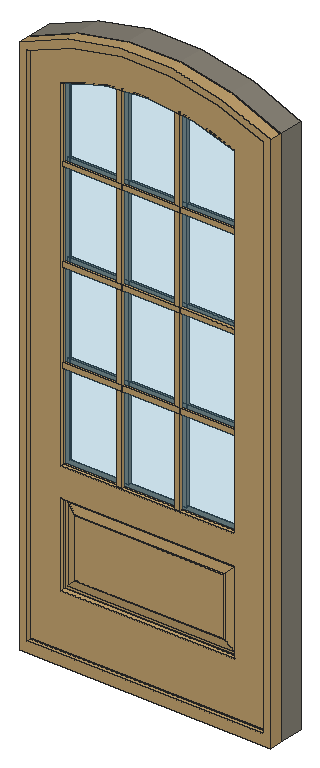
Revit family
Parameters (values of type "CUIAF3070")
  URL = "www.marvin.com"
  Thickness = 0' - 1 3/4"
  Sill Material = Fiberglass_Pultrusion-Marvin-Beige
  Rough Width = Width + 0' 1"  # 3' - 2 7/16"
  Rough Height = Height + 0' 0 1/2"  # 7' - 2 1/2"
  Radius = 3' - 4 3/16"
  RO Radius = 3' - 4 1/2"
  Panel Type = Raised Panel : Raised Panel
  Panel Height = Intermediate Rail Height - 1' 0 11/32"  # 0' - 11 31/32"
  Muntins Interior Material = Wood-Marvin-Pine
  Muntins Exterior Material = Aluminum-Marvin-Bronze
  Mask Offset [instance] = if(Inset to Installation Flange = 0' 1 3/32", 0' 0 1/32", 0' 0")  # 0' - 0"
  Mask [instance] = Inset to Installation Flange > 0' 1 3/32"  # no
  Low Panel Placement = 1 = 1  # yes
  Intermediate Rail Height = if(Low Panel Placement, 2' 0 5/16", 3' 2 1/8")  # 2' - 0 5/16"
  Interior Material = Wood-Marvin-Pine
  High Panel Placement = 1 = 0  # no
  Glazing Material = Glass-Marvin-IG Low E II with Argon
  Function = 1
  Frame = "Aluminum Clad"
  FS Springline = 6' - 9 3/8"
  Plan Swing Angle [instance] = 90.00°
  Door Panel Width = Width - 0' 2 3/8"  # 2' - 11 1/16"
  Nominal Width = 3' - 0"
  Nominal Height = 7' - 0"
  Muntins Interior Visibility = yes
  Muntins Exterior Visibility = yes
  Model = "CUIAF3070"
  Manufacturer = "Marvin Windows and Doors"
  Lites Wide = 3
  Lites High = 4
  Label Visibility = no
  Jamb Extension Visibility = no
  Inset to Installation Flange [instance] = 0' - 1"
  Height = if(Nominal Height = 6' 6", Nominal Height + 0' 1 1/2", if(Nominal Height = 8' 0", Nominal Height - 0' 0 1/2", Nominal Height + 0' 2"))  # 7' - 2"
  Wall Closure = (empty or 0)
  Width = if(Nominal Height > 6' 6", Nominal Width + 0' 1 7/16", Nominal Width + 0' 0 5/8")  # 3' - 1 7/16"
  Glass Type = "IG Low E II with Argon"
  Family created by = "www.rbuiltcomponents.com"
  Door Type = "Clad Ultimate Inswing Archtop French Door"
  Design Pressure = "DP40"
  Description = "3684 AT FR DOOR"
  Daylight Area = DLO Width * DLO Height  # 9.48657 SF
  DLO Width = Width - 0' 11 27/32"  # 2' - 1 19/32"
  DLO Height = Height - (Intermediate Rail Height + 0' 8 5/16")  # 4' - 5 3/8"
  Cladding Material = Aluminum-Marvin-Bronze
  Assembly Code = ""
Reference planes (in)
  plane 1 "Center (Front/Back)": y = 0
  plane 2 "Center (Left/Right)": x = 0
  plane 3 "Left": x = -18.71875
  plane 4 "Right": x = 18.71875
  plane 5 "Top": z = 86
  plane 6 "Exterior": y = 3
  plane 7 "Interior": y = -3
  plane 8 "Inset": y = 2
  plane 9 "Glazing": y = -0.71875
  plane 10: x = -12.78125
  plane 11: x = 12.78125
  plane 12: z = 80.0625
  plane 13: z = 9.96875
  plane 14 "Jamb Ext Face": y = -2.5625
  plane 15: z = 81.375
  plane 16: z = 80.0625
  plane 17: z = 24.3125
  plane 18: z = 21.9375
  plane 19: z = 26.6875
  plane 20: y = -2.59375
Forms (in)
  Sweep 1, solid, material "Aluminum-Marvin-Bronze" <- "Cladding Material"
    path origin (0, -0.71875, 0) x (1, 0, 0) y (0, 0, 1)
      loop
        line (-18.71875, 4.03125) -> (18.71875, 4.03125) -> (18.71875, 81.375)
        arc (18.71875, 81.375) -> (0, 86.00067) -> (-18.71875, 81.375) r 40.1875
        line (-18.71875, 81.375) -> (-18.71875, 4.03125)
    profile "Clad_Panel : Clad_Panel" origin (-18.71875, -0.71875, 42.70313) x (-1, 0, 0) y (0, -1, 0)
      loop
        line (-1.1875, 0) -> (-5.9375, 0) -> (-5.9375, -0.05719) -> (-5.72946, -0.26523) -> (-5.72946, -0.4375) -> (-1.1875, -0.4375) -> (-1.1875, 0)
  Sweep 2, solid, material "Wood-Marvin-Pine" <- "Interior Material"
    path origin (0, -0.71875, 0) x (1, 0, 0) y (0, 0, 1)
      loop
        line (-18.71875, 81.375) -> (-18.71875, 4.03125) -> (18.71875, 4.03125) -> (18.71875, 81.375)
        arc (18.71875, 81.375) -> (0, 86.00067) -> (-18.71875, 81.375) r 40.1875
    profile "Int_Panel : Int_Panel" origin (-18.71875, -0.71875, 42.70312) x (1, 0, 0) y (0, -1, 0)
      loop
        line (1.1875, 1.3125) -> (1.1875, 0) -> (5.21266, 0) -> (5.21266, 0.82511) -> (5.9375, 0.82511) -> (5.9375, 0.97108) -> (5.74041, 1.3125) -> (1.1875, 1.3125)
  Sweep 3, solid, material "Aluminum-Marvin-Bronze" <- "Cladding Material"
    path origin (0, -0.71875, 0) x (1, 0, 0) y (0, 0, 1)
      loop
        line (-18.71875, 0) -> (-18.71875, 81.375)
        arc (-18.71875, 81.375) -> (0, 86.00067) -> (18.71875, 81.375) r 40.1875
        line (18.71875, 81.375) -> (18.71875, 0)
    profile "Clad_Frame : Clad_Frame" origin (-18.71875, -0.71875, 40.6875) x (-1, 0, 0) y (0, -1, 0)
      loop
        line (0, -3.8125) -> (0, 0) -> (-1.06374, 0) -> (-1.06374, -0.53244) -> (-1.77792, -0.53244)
        arc (-1.77792, -0.53244) -> (-1.63018, -1.76415) -> (-1.51551, -2.99937) r 46.27589
        line (-1.51551, -2.99937) -> (-0.93767, -2.99937) -> (-0.93767, -3.10585) -> (-0.67848, -3.10585) -> (-0.67848, -3.8125) -> (0, -3.8125)
  Sweep 4, solid, material "Wood-Marvin-Pine" <- "Interior Material"
    path origin (0, -0.71875, 0) x (1, 0, 0) y (0, 0, 1)
      loop
        line (-18.71875, 0) -> (-18.71875, 81.375)
        arc (-18.71875, 81.375) -> (0, 86.00067) -> (18.71875, 81.375) r 40.1875
        line (18.71875, 81.375) -> (18.71875, 0)
    profile "Int_Frame : Int_Frame" origin (-18.71875, -0.71875, 40.6875) x (-1, 0, 0) y (0, -1, 0)
      loop
        line (0, 0) -> (0, 1.84375) -> (-1.06374, 1.84375) -> (-1.06374, 0) -> (0, 0)
  Sweep 5, solid, material "Fiberglass_Pultrusion-Marvin-Beige" <- "Sill Material"
    path origin (0, 2, 0) x (1, 0, 0) y (0, 0, 1)
      loop
        line (18.04027, 0) -> (-18.04027, 0)
    profile "Sill : Sill" origin (0, 2, 0) x (0, 0, -1) y (0, -1, 0)
      loop
        line (-0.45122, -1.09375) -> (0, -1.09375) -> (0, 3.9375) -> (-1.61915, 3.9375) -> (-1.61915, 1.78125) -> (-0.75338, 1.78125) -> (-0.45122, -1.09375)
  Extrusion 6, solid, material "Aluminum-Marvin-Bronze" <- "Cladding Material"
    sketch origin (0, 0, 0) x (0, 1, 0) y (0, 0, 1)
      loop
        line (-0.28125, 5.21875) -> (-0.71875, 5.21875) -> (-0.71875, 1.8125) -> (-0.28125, 1.8125) -> (-0.28125, 5.21875)
    from -17.53125 to 17.53125
  Extrusion 7, solid, material "Wood-Marvin-Pine" <- "Interior Material"
    sketch origin (0, 0, 0) x (0, 1, 0) y (0, 0, 1)
      loop
        line (-0.71875, 5.21875) -> (-2.03125, 5.21875) -> (-2.03125, 1.8125) -> (-0.71875, 1.8125) -> (-0.71875, 5.21875)
    from -17.53125 to 17.53125
  Extrusion 8, solid, material "Wood-Marvin-Pine" <- "Interior Material", visible <- "Jamb Extension Visibility", detail levels medium+fine
    sketch origin (0, -2.5625, 0) x (1, 0, 0) y (0, 0, 1)
      loop
        line (-18.71875, 0) -> (-18.03125, 0) -> (-18.03125, 80.9556)
        arc (-18.03125, 80.9556) -> (0, 85.31148) -> (18.03125, 80.9556) r 39.49831
        line (18.03125, 80.9556) -> (18.03125, 0) -> (18.71875, 0) -> (18.71875, 81.375)
        arc (18.71875, 81.375) -> (0, 86.00067) -> (-18.71875, 81.375) r 40.1875
        line (-18.71875, 81.375) -> (-18.71875, 0)
    from 0.03125 to 0.4375
  Extrusion 9, solid, material "Glass-Marvin-IG Low E II with Argon" <- "Glazing Material"
    sketch origin (0, -0.71875, 0) x (1, 0, 0) y (0, 0, 1)
      loop
        line (13.40625, 26.0625) -> (13.40625, 78.1166)
        arc (13.40625, 78.1166) -> (0, 80.78801) -> (-13.40625, 78.1166) r 34.97484
        line (-13.40625, 78.1166) -> (-13.40625, 26.0625) -> (13.40625, 26.0625)
    from 0 to 0.125
  Extrusion 10, solid, material "Glass-Marvin-IG Low E II with Argon" <- "Glazing Material"
    sketch origin (0, -0.71875, 0) x (1, 0, 0) y (0, 0, 1)
      loop
        line (13.40625, 26.0625) -> (13.40625, 78.1166)
        arc (13.40625, 78.1166) -> (0, 80.78801) -> (-13.40625, 78.1166) r 34.97484
        line (-13.40625, 78.1166) -> (-13.40625, 26.0625) -> (13.40625, 26.0625)
    from 0.65625 to 0.78125
  Sweep 11, solid, material "Wood-Marvin-Pine" <- "Interior Material"
    path in 3D
      loop
        line (18.04027, -1.9375, 1.61915) -> (-18.04027, -1.9375, 1.61915)
    profile origin (0, -1.9375, 1.61915) x (0, -1, 0) y (0, 0, 1)
      loop
        line (0, 0) -> (0, -1.61915) -> (0.625, -1.61915) -> (0.625, 0) -> (0, 0)
  Sweep 12, solid, material "Aluminum-Marvin-Bronze" <- "Cladding Material"
    path origin (0, -0.71875, 0) x (1, 0, 0) y (0, 0, 1)
      loop
        line (12.98929, 24.3125) -> (-12.98929, 24.3125)
    profile "Inter_Rail_Clad : Inter_Rail_Clad" origin (0, -0.71875, 24.3125) x (0, 0, -1) y (0, -1, 0)
      loop
        line (2.16696, -0.4375) -> (2.16696, -0.26523) -> (2.375, -0.05719) -> (2.375, 0) -> (-2.375, 0) -> (-2.375, -0.05719) -> (-2.16696, -0.26523) -> (-2.16696, -0.4375) -> (2.16696, -0.4375)
  Sweep 13, solid, material "Wood-Marvin-Pine" <- "Interior Material"
    path origin (0, -0.71875, 0) x (1, 0, 0) y (0, 0, 1)
      loop
        line (-12.97834, 24.3125) -> (12.97834, 24.3125)
    profile "Inter_Rail_Int : Inter_Rail_Int" origin (0, -0.71875, 24.3125) x (0, 0, 1) y (0, -1, 0)
      loop
        line (2.17791, 1.3125) -> (-2.17791, 1.3125) -> (-2.375, 0.97108) -> (-2.375, 0.82511) -> (-1.65016, 0.82511) -> (-1.65016, 0) -> (1.65016, 0) -> (1.65016, 0.82511) -> (2.375, 0.82511) -> (2.375, 0.97108) -> (2.17791, 1.3125)
Cuts and joins
  joined: Sweep 1, Extrusion 6, Sweep 12
  joined: Sweep 2, Extrusion 7, Sweep 13
  joined: Sweep 4, Sweep 11
Lines and regions (in)
  Opening 1
    outline origin (-90, -3, 0) x (1, 0, 0) y (0, 0, 1)
      loop
        line (71.28125, 0) -> (108.71875, 0) -> (108.71875, 81.375)
        arc (108.71875, 81.375) -> (90, 86.00067) -> (71.28125, 81.375) r 40.1875
        line (71.28125, 81.375) -> (71.28125, 0)
  Masking region 1
    outline origin (0, 0, 0) x (0, 1, 0) y (0, 0, 1)
      loop
        line (3.09375, 86) -> (-2.5625, 86) -> (-2.5625, 0) -> (3.09375, 0) -> (3.09375, 86)
  Masking region 2, visible <- "Jamb Extension Visibility"
    outline origin (0, 0, 0) x (1, 0, 0) y (0, 1, 0)
      loop
        line (-18.71875, -2.59375) -> (-18.71875, -3) -> (-18.03125, -3) -> (-18.03125, -2.59375) -> (-18.71875, -2.59375)
      loop
        line (18.71875, -2.59375) -> (18.03125, -2.59375) -> (18.03125, -3) -> (18.71875, -3) -> (18.71875, -2.59375)
  Masking region 3
    outline origin (0, 0, 0) x (0, 1, 0) y (0, 0, 1)
      loop
        line (-2.59375, 86) -> (-3, 86) -> (-3, 0) -> (-2.59375, 0) -> (-2.59375, 86)
  Masking region 4, visible <- "Mask"
    outline origin (0, 0, 0) x (0, 1, 0) y (0, 0, 1)
      loop
        line (3.09375, 86) -> (3, 86) -> (3, 0) -> (3.09375, 0) -> (3.09375, 86)
  symbolic lines, style "DoorsFrameMullionProjection", visible <- "Jamb Extension Visibility", detail levels coarse+medium
    curve 1: line (-18.71875, -3, 0) -> (-18.03125, -3, 0)
    curve 2: line (-18.03125, -3, 0) -> (-18.03125, -2.59375, 0)
    curve 3: line (18.71875, -3, 0) -> (18.03125, -3, 0)
    curve 4: line (18.03125, -3, 0) -> (18.03125, -2.59375, 0)
    curve 7: line (0, -2.59375, 85.3125) -> (0, -3, 85.3125)
    curve 8: line (0, -3, 85.3125) -> (0, -3, 86)
  symbolic lines, style "Jamb Extension", visible <- "Jamb Extension Visibility", detail levels fine
    curve 5: line (0, -2.59375, 85.3125) -> (0, -3, 85.3125)
    curve 6: line (0, -3, 85.3125) -> (0, -3, 86)
  symbolic lines, style "DoorsFrameMullionProjection", detail levels coarse+medium
    curve 9: line (0, 3.09375, 86) -> (0, 3.09375, 84.93626)
    curve 10: line (0, 3.09375, 84.93626) -> (0, -2.5625, 84.93626)
    curve 11: line (0, -2.5625, 84.93626) -> (0, -2.5625, 86)
    curve 20: line (0, -0.28125, 80.0625) -> (0, -0.28125, 26.6875)
    curve 21: line (0, -2.03125, 80.0625) -> (0, -2.03125, 26.6875)
    curve 24: line (0, 3.09375, 0.45122) -> (0, 0.21875, 0.75338)
    curve 25: line (0, 0.21875, 1.625) -> (0, 0.21875, 0.75338)
    curve 26: line (0, 0.21875, 1.625) -> (0, -2.56948, 1.625)
    curve 27: line (0, -2.56948, 0) -> (0, -2.56948, 1.625)
    curve 28: line (0, 3.09375, 0) -> (0, 3.09375, 0.45122)
    curve 29: line (0, 3.09375, 0) -> (0, -2.56948, 0)
    curve 30: line (0, 3.09375, 86) -> (0, -2.5625, 86)
    curve 31: line (0, -2.5625, 86) -> (0, 3.09375, 86)
  symbolic lines, style "DoorsPanelProjection", detail levels coarse+medium
    curve 12: line (0, -0.28125, 80.0625) -> (0, -0.28125, 84.93626)
    curve 13: line (0, -2.03125, 80.0625) -> (0, -0.28125, 80.0625)
    curve 14: line (0, -2.03125, 84.93626) -> (0, -2.03125, 80.0625)
    curve 15: line (0, -0.28125, 26.6875) -> (0, -2.03125, 26.6875)
    curve 16: line (0, -0.28125, 1.8125) -> (0, -0.28125, 26.6875)
    curve 17: line (0, -2.03125, 1.8125) -> (0, -0.28125, 1.8125)
    curve 18: line (0, -2.03125, 26.6875) -> (0, -2.03125, 1.8125)
  symbolic lines, style "DoorsGlassProjection", detail levels coarse+medium
    curve 19: line (0, -1.15625, 26.6875) -> (0, -1.15625, 80.0625)
  symbolic lines, style "Elevation Swing"
    curve 22: line (-17.53125, -0.71875, 1.8125) -> (17.53125, -0.71875, 43)
    curve 23: line (17.53125, -0.71875, 43) -> (-17.65501, -0.71875, 80.72397)
  sketch lines
    curve 32: line (18.04027, -1.9375, 1.61915) -> (-18.04027, -1.9375, 1.61915)
  reference lines
    curve 33: arc (18.71875, 3, 81.375) -> (0, 3, 86.00067) -> (-18.71875, 3, 81.375) r 40.1875
Text (in)
  text "Exterior" at (-74.96733, 27.31104, 0), in view "Ref. Level"
  text "Interior" at (-74.96733, -25.14366, 0), in view "Ref. Level"
  text "Exterior" at (0, 40.15149, 123.01588), in view "Right"
  text "Interior" at (0, -64.39139, 123.01588), in view "Right"
  text "Interior" at (0, -31.01599, 123.00693), in view "Left"
  text "Exterior" at (0, 54.57065, 123.00693), in view "Left"
Dimensions and locks (in)
  equal spacing: plane 3 "Left", plane 2 "Center (Left/Right)", plane 4 "Right"
  "Height": level to plane 5 "Top"
  "Width": plane 3 "Left" to plane 4 "Right"
  locked: plane 11 to plane 4 "Right" at 5.9375
  locked: plane 3 "Left" to plane 10 at 5.9375
  locked: plane 12 to plane 5 "Top" at 5.9375
  locked: level to plane 13 at 9.96875
  locked: Extrusion 6 sketch curve to Sweep 1 at 3.40625
  locked: Extrusion 7 sketch curve to Sweep 2 at 3.40625
  locked: Extrusion 8 sketch curve to plane 4 "Right" at 0.6875
  locked: plane 3 "Left" to Extrusion 8 sketch curve at 0.6875
  locked: Extrusion 9 sketch curve to plane 10 at 0.625
  locked: Extrusion 9 sketch curve to plane 19 at 0.625
  locked: plane 11 to Extrusion 9 sketch curve at 0.625
  locked: Extrusion 10 sketch curve to plane 10 at 0.625
  locked: Extrusion 10 sketch curve to plane 19 at 0.625
  locked: plane 11 to Extrusion 10 sketch curve at 0.625
  locked: plane 9 "Glazing" to Extrusion 9 at 0.125
  locked: plane 9 "Glazing" to Extrusion 10 at 0.78125
  locked: plane 9 "Glazing" to Extrusion 10 at 0.65625
  locked: Extrusion 10 to Extrusion 10 at 0.125
  locked: nested 3 to plane 9 "Glazing" at 0.8125
  "Inset to Installation Flange": host wall to plane 8 "Inset"
  locked: plane 9 "Glazing" to plane 8 "Inset" at 2.71875
  locked: plane 14 "Jamb Ext Face" to plane 8 "Inset" at 4.5625
  locked: nested 4 to host wall at 12
  equal spacing: level, curve 23, plane 5 "Top"
  "FS Springline": level to plane 15
  locked: Sweep 1 sketch curve to plane 13 at 5.9375
  locked: Sweep 2 sketch curve to plane 13 at 5.9375
  locked: curve 7 to plane 5 "Top" at 0.6875
  "Intermediate Rail Height": level to plane 17
  plane 18 to plane 17 to plane 19 = 0' - 2 3/8" locked, 0' - 2 3/8" locked
  locked: nested 6 to plane 9 "Glazing" at 0.375
  equal spacing: curve 16, curve 19, curve 18
  locked: plane 20 to plane 14 "Jamb Ext Face" at 0.03125
  "Mask Offset": Masking region 4 sketch curve to host wall
  "Radius": radius of curve 33
  aligned and locked: plane 3 "Left" to Opening 1 sketch curve
  aligned and locked: Opening 1 sketch curve to plane 4 "Right"
  aligned and locked: Opening 1 sketch curve to level
  aligned and locked: plane 6 "Exterior" to host wall
  aligned and locked: plane 7 "Interior" to host wall
  aligned and locked: plane 3 "Left" to Sweep 3 sketch curve
  aligned and locked: level to Sweep 3 sketch curve  (x2)
  aligned and locked: Sweep 3 sketch curve to plane 4 "Right"
  aligned and locked: plane 3 "Left" to Sweep 4 sketch curve
  aligned and locked: level to Sweep 4 sketch curve  (x2)
  aligned and locked: Sweep 4 sketch curve to plane 4 "Right"
  aligned and locked: level to nested 1
  aligned and locked: nested 1 to plane 8 "Inset"
  aligned and locked: Sweep 5 sketch curve to level
  aligned and locked: Extrusion 6 sketch curve to Sweep 1  (x2)
  aligned and locked: Extrusion 6 sketch curve to plane 9 "Glazing"
  aligned and locked: Sweep 1 to Extrusion 6
  aligned and locked: Extrusion 6 to Sweep 1
  aligned and locked: Sweep 2 to Extrusion 7 sketch curve
  aligned and locked: plane 9 "Glazing" to Extrusion 7 sketch curve
  aligned and locked: Extrusion 7 sketch curve to Sweep 2
  aligned and locked: Sweep 2 to Extrusion 7
  aligned and locked: Extrusion 7 to Sweep 2
  aligned and locked: Extrusion 8 sketch curve to plane 3 "Left"
  aligned and locked: plane 4 "Right" to Extrusion 8 sketch curve
  aligned and locked: level to Extrusion 8 sketch curve  (x2)
  aligned and locked: Sweep 3 to Extrusion 8 sketch curve
  aligned and locked: host wall to Extrusion 8
  aligned and locked: Extrusion 9 to plane 9 "Glazing"
  aligned and locked: plane 9 "Glazing" to nested 2
  aligned and locked: nested 2 to plane 2 "Center (Left/Right)"
  aligned and locked: plane 12 to nested 2
  aligned and locked: plane 2 "Center (Left/Right)" to nested 3
  aligned and locked: nested 3 to plane 12
  aligned and locked: plane 3 "Left" to curve 1
  aligned and locked: curve 1 to Extrusion 8
  aligned and locked: curve 4 to Extrusion 8
  aligned and locked: curve 3 to Extrusion 8
  aligned and locked: plane 5 "Top" to curve 6
  aligned and locked: Extrusion 8 to curve 6
  aligned and locked: plane 5 "Top" to curve 8
  aligned and locked: plane 5 "Top" to curve 9
  aligned and locked: plane 5 "Top" to curve 11
  aligned and locked: curve 13 to plane 12
  aligned and locked: curve 14 to cut or joined group of Sweep 2, Extrusion 7, Sweep 13
  aligned and locked: curve 12 to cut or joined group of Sweep 1, Extrusion 6, Sweep 12
  aligned and locked: curve 16 to cut or joined group of Sweep 1, Extrusion 6, Sweep 12
  aligned and locked: curve 13 to curve 19
  aligned and locked: curve 15 to curve 19
  aligned and locked: plane 5 "Top" to Masking region 1 sketch curve
  aligned and locked: level to Masking region 1 sketch curve
  aligned and locked: curve 21 to cut or joined group of Sweep 2, Extrusion 7, Sweep 13
  aligned and locked: cut or joined group of Sweep 1, Extrusion 6, Sweep 12 to curve 22
  aligned and locked: plane 2 "Center (Left/Right)" to nested 4
  aligned and locked: curve 17 to cut or joined group of Sweep 2, Extrusion 7, Sweep 13
  aligned and locked: curve 24 to Sweep 5
  aligned and locked: curve 25 to nested 1
  aligned and locked: curve 27 to nested 1
  aligned and locked: curve 28 to Sweep 5
  aligned and locked: plane 4 "Right" to nested 5
  aligned and locked: plane 8 "Inset" to nested 5
  aligned and locked: curve 9 to Sweep 3
  aligned and locked: Masking region 1 sketch curve to Sweep 3
  aligned and locked: Sweep 5 sketch curve to Sweep 3
  aligned and locked: Sweep 3 to Sweep 5 sketch curve
  aligned and locked: curve 22 to cut or joined group of Sweep 1, Extrusion 6, Sweep 12
  aligned and locked: Sweep 11 sketch curve to profile plane
  aligned and locked: level to Sweep 11 sketch curve
  aligned and locked: Sweep 11 sketch curve to plane 14 "Jamb Ext Face"
  aligned and locked: Sweep 11 sketch curve to Sweep 5
  aligned and locked: Sweep 4 sketch curve to host wall
  aligned and locked: plane 3 "Left" to Sweep 1 sketch curve
  aligned and locked: Sweep 1 sketch curve to plane 4 "Right"
  aligned and locked: Sweep 2 sketch curve to plane 3 "Left"
  aligned and locked: plane 4 "Right" to Sweep 2 sketch curve
  aligned and locked: plane 15 to curve 33  (x2)
  aligned and locked: plane 4 "Right" to curve 33
  aligned and locked: plane 3 "Left" to curve 33
  aligned and locked: Opening 1 sketch curve to curve 33
  aligned and locked: Sweep 1 sketch curve to curve 33
  aligned and locked: Sweep 3 sketch curve to host wall
  aligned and locked: Sweep 2 sketch curve to host wall
  aligned and locked: cut or joined group of Sweep 4, Sweep 11 to curve 23
  aligned and locked: Extrusion 8 sketch curve to host wall
  aligned and locked: Extrusion 10 sketch curve to cut or joined group of Sweep 2, Extrusion 7, Sweep 13
  aligned and locked: Extrusion 9 sketch curve to cut or joined group of Sweep 2, Extrusion 7, Sweep 13
  aligned and locked: cut or joined group of Sweep 1, Extrusion 6, Sweep 12 to Sweep 12 sketch curve  (x2)
  aligned and locked: Sweep 12 sketch curve to plane 17
  aligned and locked: cut or joined group of Sweep 2, Extrusion 7, Sweep 13 to Sweep 13 sketch curve  (x2)
  aligned and locked: Sweep 13 sketch curve to plane 17
  aligned and locked: nested 6 to plane 2 "Center (Left/Right)"
  aligned and locked: plane 13 to nested 6
  aligned and locked: curve 15 to plane 19
  aligned and locked: Extrusion 8 to curve 2
  aligned and locked: Extrusion 8 to curve 4
  aligned and locked: plane 20 to Masking region 2 sketch curve
  aligned and locked: Masking region 2 sketch curve to plane 3 "Left"
  aligned and locked: Masking region 2 sketch curve to host wall
  aligned and locked: Masking region 2 sketch curve to Extrusion 8  (x2)
  aligned and locked: Masking region 2 sketch curve to plane 20
  aligned and locked: Masking region 2 sketch curve to plane 4 "Right"
  aligned and locked: host wall to Masking region 2 sketch curve
  aligned and locked: Extrusion 8 to curve 7
  aligned and locked: Extrusion 8 to curve 5
  aligned and locked: Extrusion 8 to plane 20
  aligned and locked: Masking region 1 sketch curve to plane 14 "Jamb Ext Face"
  aligned and locked: plane 5 "Top" to Masking region 3 sketch curve
  aligned and locked: level to Masking region 3 sketch curve
  aligned and locked: plane 20 to Masking region 3 sketch curve
  aligned and locked: Masking region 3 sketch curve to host wall
  aligned and locked: plane 5 "Top" to Masking region 4 sketch curve
  aligned and locked: level to Masking region 4 sketch curve
  aligned and locked: Masking region 4 sketch curve to Sweep 3
Automatic sketch dimensions
  level to curve 22 = 0' - 1 13/16"
  plane 15 to curve 23 = 0' - 0.65103"
  Extrusion 8 sketch curve to Extrusion 8 sketch curve = 0' - 0"  (x2)
  plane 15 to Extrusion 8 sketch curve = 0' - 0.4194"
  curve 1 to curve 2 = 0' - 0 11/16"
  curve 3 to plane 4 "Right" = 0' - 0"
  curve 11 to plane 14 "Jamb Ext Face" = 0' - 0"
  curve 29 to level = 0' - 0"
  curve 26 to curve 16 = 0' - 0 3/16"
  plane 5 "Top" to curve 9 = 0' - 1.06374"
Nested families (in)
  nested 1: "Door_Section_Detail" at (0, 2, 0) x (0, -1, 0) z (1, 0, 0), type "Door_Section_Detail", detail levels fine
  nested 2: "Muntins" at (0, -0.71875, -9.3125), visible <- "Muntins Exterior Visibility", Muntin Material <- "Muntins Exterior Material", type "Muntins"
    with Muntin Material Aluminum-Marvin-Bronze, GlazingWidth 2' - 1 19/32", GlazingHeight 4' - 5 3/8", Width 2' - 2 1/32", LitesVertical 4, HorizontalMuntins 3, Height 4' - 5 13/16", Inset Vert 0' - 8.30208", Inset Horiz 1' - 1 5/64"
  nested 3: "Muntins" at (0, -1.53125, -9.3125), Muntin Material <- "Muntins Interior Material", visible <- "Muntins Interior Visibility", type "Muntins"
    with Muntin Material Wood-Marvin-Pine, GlazingWidth 2' - 1 19/32", GlazingHeight 4' - 5 3/8", Width 2' - 2 1/32", LitesVertical 4, HorizontalMuntins 3, Height 4' - 5 13/16", Inset Vert 0' - 8.30208", Inset Horiz 1' - 1 5/64"
  nested 4: "Label Annotation 1-16 w5" at (0, 15, 0), visible <- "Label Visibility", type "Label Annotation 1-16 w5"
  nested 5: "Door_Plan_Detail" at (36.65625, -1.9375, 0), type "Door_Plan_Detail"
  nested 6: "Raised Panel" at (0, -0.34375, -2.03125) x (-1, 0, 0) z (0, 0, 1), Interior Finish <- "Interior Material", Cladding Finish <- "Cladding Material", Width <- "DLO Width", Height <- "Panel Height", type <- "Panel Type", type "Raised Panel"
    with Width 2' - 1 19/32", Interior Finish Wood-Marvin-Pine, Height 0' - 11 31/32", Cladding Finish Aluminum-Marvin-Bronze
Definition of nested family "Muntins"
  Parameters (values of type "Muntins")
    GlazingWidth = 2' - 6 3/16"
    GlazingHeight = 3' - 5 5/16"
    Width = GlazingWidth + 0' 0 7/16"  # 2' - 6 5/8"
    VerticalMuntins = if(LitesHorizontal < 3, 2, LitesHorizontal - 1)  # 2
    VertMuntVisible = LitesHorizontal > 2  # yes
    MuntinWidth = 0' - 0 3/4"
    MuntinDepth = 0' - 0 3/8"
    Muntin Material [instance] = none
    LitesVertical = 3
    LitesHorizontal = 3
    HorizontalMuntins = if(LitesVertical < 3, 2, LitesVertical - 1)  # 2
    HorizMuntVisible = LitesVertical > 2  # yes
    Height = GlazingHeight + 0' 0 7/16"  # 3' - 5 3/4"
    Inset Vert = if(LitesHorizontal < 3, (Width / 3) - (MuntinWidth / 2), (Width / LitesHorizontal) - (MuntinWidth / 2))  # 0' - 9.83333"
    Inset Horiz = if(LitesVertical < 3, (Height / 3) - (MuntinWidth / 2), (Height / LitesVertical) - (MuntinWidth / 2))  # 1' - 1.54167"
    CenterMuntinVertical = LitesHorizontal = 2  # no
    CenterMuntinHorizontal = LitesVertical = 2  # no
    Assembly Code = ""
  Reference planes (in)
    plane 1 "Center (Front/Back)": y = 0
    plane 2: z = 0
    plane 3 "Center (Left/Right)": x = 0
    plane 4: z = 35.78125
    plane 5: z = 56.65625
    plane 6: z = 77.53125
    plane 7: z = 63.98958
    plane 8: z = 49.32292
    plane 9: z = 77.3125
    plane 10: z = 36
    plane 11: x = -15.09375
    plane 12: x = 15.09375
    plane 13: x = -5.47917
    plane 14: x = -15.3125
    plane 15: x = 15.3125
    plane 16: x = 5.47917
  Forms (in)
    Extrusion 1, solid, material <- "Muntin Material", visible <- "CenterMuntinVertical", detail levels medium+fine
      sketch origin (9, 0, 0) x (1, 0, 0) y (0, 0, 1)
        loop
          line (-9.375, 77.53125) -> (-9.375, 35.78125) -> (-8.625, 35.78125) -> (-8.625, 77.53125) -> (-9.375, 77.53125)
      from 0 to 0.375 <- "MuntinDepth"
    Extrusion 2, solid, material <- "Muntin Material", visible <- "CenterMuntinHorizontal", detail levels medium+fine
      sketch origin (-0.0013, 0, 14.6875) x (1, 0, 0) y (0, 0, 1)
        loop
          line (-15.3112, 42.34375) -> (-15.3112, 41.59375) -> (15.3138, 41.59375) -> (15.3138, 42.34375) -> (-15.3112, 42.34375)
      from 0 to 0.375 <- "MuntinDepth"
    Extrusion 3, solid, material <- "Muntin Material", visible <- "VertMuntVisible", detail levels medium+fine
      sketch origin (3.89583, 0, -2.90625) x (1, 0, 0) y (0, 0, 1)
        loop
          line (-9.375, 80.4375) -> (-9.375, 38.6875) -> (-8.625, 38.6875) -> (-8.625, 80.4375) -> (-9.375, 80.4375)
      from 0 to 0.375 <- "MuntinDepth"
    Extrusion 4, solid, material <- "Muntin Material", visible <- "HorizMuntVisible", detail levels medium+fine
      sketch origin (-0.0026, 0, 18.30208) x (1, 0, 0) y (0, 0, 1)
        loop
          line (-15.3099, 45.6875) -> (-15.3099, 44.9375) -> (15.3151, 44.9375) -> (15.3151, 45.6875) -> (-15.3099, 45.6875)
      from 0 to 0.375 <- "MuntinDepth"
    Extrusion 5, solid, material <- "Muntin Material", visible <- "HorizMuntVisible", detail levels medium+fine
      sketch origin (-0.0026, 0, 4.38542) x (1, 0, 0) y (0, 0, 1)
        loop
          line (-15.3099, 45.6875) -> (-15.3099, 44.9375) -> (15.3151, 44.9375) -> (15.3151, 45.6875) -> (-15.3099, 45.6875)
      from 0 to 0.375 <- "MuntinDepth"
    Extrusion 6, solid, material <- "Muntin Material", visible <- "VertMuntVisible", detail levels medium+fine
      sketch origin (14.10417, 0, -2.90625) x (1, 0, 0) y (0, 0, 1)
        loop
          line (-9.375, 80.4375) -> (-9.375, 38.6875) -> (-8.625, 38.6875) -> (-8.625, 80.4375) -> (-9.375, 80.4375)
      from 0 to 0.375 <- "MuntinDepth"
  Lines and regions (in)
    model lines, style "Muntins", visible <- "CenterMuntinHorizontal", detail levels coarse
      curve 1: line (-15.3125, 0, 56.65625) -> (15.3125, 0, 56.65625)
    model lines, style "Muntins", visible <- "HorizMuntVisible", detail levels coarse
      curve 2: line (-15.3125, 0, 63.61458) -> (15.3125, 0, 63.61458)
      curve 3: line (-15.3125, 0, 49.69792) -> (15.3125, 0, 49.69792)
    model lines, style "Muntins", visible <- "CenterMuntinVertical", detail levels coarse
      curve 4: line (0, 0, 77.53125) -> (0, 0, 35.78125)
    model lines, style "Muntins", visible <- "VertMuntVisible", detail levels coarse
      curve 5: line (-5.10417, 0, 77.53125) -> (-5.10417, 0, 35.78125)
      curve 6: line (5.10417, 0, 77.53125) -> (5.10417, 0, 35.78125)
  Dimensions and locks (in)
    "Inset Horiz": plane 6 to plane 7
    "Inset Horiz": plane 8 to plane 4
    equal spacing: plane 6, plane 5, plane 4
    "Height": plane 6 to plane 4
    "GlazingHeight": plane 9 to plane 10
    equal spacing: plane 9, plane 5, plane 10
    "GlazingWidth": plane 12 to plane 11
    equal spacing: plane 12, plane 3 "Center (Left/Right)", plane 11
    "MuntinWidth": Extrusion 1 sketch curve to Extrusion 1 sketch curve
    "Height": Extrusion 1 sketch curve to Extrusion 1 sketch curve
    "MuntinWidth": Extrusion 2 sketch curve to Extrusion 2 sketch curve
    "Width": Extrusion 2 sketch curve to Extrusion 2 sketch curve
    "MuntinWidth": Extrusion 3 sketch curve to Extrusion 3 sketch curve
    "Height": Extrusion 3 sketch curve to Extrusion 3 sketch curve
    "Width": plane 15 to plane 14
    equal spacing: plane 15, plane 3 "Center (Left/Right)", plane 14
    "Inset Vert": plane 13 to plane 14
    "Inset Vert": plane 15 to plane 16
    "MuntinWidth": Extrusion 4 sketch curve to Extrusion 4 sketch curve
    "Width": Extrusion 4 sketch curve to Extrusion 4 sketch curve
    "MuntinWidth": Extrusion 5 sketch curve to Extrusion 5 sketch curve
    "Width": Extrusion 5 sketch curve to Extrusion 5 sketch curve
    group 2 to group 3 = 0' - 0"  (x2)
    group 3 to group 2 = 1' - 1.91667"
    "MuntinWidth": Extrusion 6 sketch curve to Extrusion 6 sketch curve
    "Height": Extrusion 6 sketch curve to Extrusion 6 sketch curve
    group 4 to group 5 = 0' - 10.20833"
    group 4 to group 5 = 0' - 0"  (x2)
    aligned and locked: plane 6 to Extrusion 1  (x2)
    aligned and locked: Extrusion 1 to plane 4  (x3)
    aligned and locked: Extrusion 3 to plane 13  (x5)
    aligned and locked: Extrusion 3 to plane 4  (x3)
    aligned and locked: Extrusion 2 to plane 14
    aligned and locked: plane 15 to Extrusion 2
    aligned and locked: plane 6 to Extrusion 3
    aligned and locked: plane 7 to Extrusion 4
    aligned and locked: Extrusion 4 to plane 14
    aligned and locked: plane 15 to Extrusion 4
    aligned and locked: curve 1 to plane 5
    aligned and locked: plane 14 to curve 1
    aligned and locked: plane 15 to curve 1
    aligned and locked: Extrusion 5 to plane 14
    aligned and locked: Extrusion 5 to plane 8
    aligned and locked: plane 15 to Extrusion 5
    aligned and locked: Extrusion 5 to curve 3  (x2)
    aligned and locked: Extrusion 4 to curve 2  (x2)
    aligned and locked: curve 4 to plane 3 "Center (Left/Right)"
    aligned and locked: Extrusion 1 to curve 4  (x2)
    aligned and locked: Extrusion 3 to curve 5  (x2)
    aligned and locked: Extrusion 6 to curve 6  (x2)
    aligned and locked: Extrusion 6 to plane 16
    aligned and locked: plane 6 to Extrusion 6
    aligned and locked: plane 6 to curve 6
    aligned and locked: Extrusion 6 to plane 4
    aligned and locked: plane 4 to curve 6
  Automatic sketch dimensions
    Extrusion 1 sketch curve to plane 4 = 0' - 0"
    Extrusion 1 sketch curve to plane 3 "Center (Left/Right)" = 0' - 0 3/8"
    Extrusion 2 sketch curve to plane 5 = 0' - 0 3/8"
    Extrusion 2 sketch curve to plane 11 = 0' - 0 7/32"
Definition of nested family "Raised Panel"
  Parameters (values of type "Raised Panel")
    Width [instance] = 4' - 0"
    Interior Finish [instance] = none
    Height [instance] = 4' - 0"
    Cladding Finish [instance] = none
    Assembly Code = ""
  Reference planes (in)
    plane 1 "Center (Front/Back)": y = 0
    plane 2: z = 12
    plane 3 "Center (Left/Right)": x = 0
    plane 4: z = 36
    plane 5: z = 60
    plane 6: x = 24
    plane 7: x = -24
  Forms (in)
    Sweep 1, solid, material <- "Cladding Finish"
      path origin (0, 0, 0) x (1, 0, 0) y (0, 0, 1)
        loop
          line (-24, 60) -> (-24, 12) -> (24, 12) -> (24, 60) -> (-24, 60)
      profile "Panel Raised : Panel Raised" origin (0, 0, 60) x (0, 0, 1) y (0, -1, 0)
        loop
          line (0.59375, -0.38788) -> (-0.07092, -0.38788) -> (-1.32092, -0.16972) -> (-1.41492, -0.07572) -> (-2, -0.07572) -> (-2, -1.45001) -> (-1.66252, -1.45001) -> (-1.56777, -1.35851) -> (-0.31902, -1.13832) -> (0.59375, -1.13832) -> (0.59375, -0.38788)
    Extrusion 2, solid, material <- "Cladding Finish"
      sketch origin (0, 0, 0) x (1, 0, 0) y (0, 0, 1)
        loop
          line (-22, 58) -> (-22, 14) -> (22, 14) -> (22, 58) -> (-22, 58)
      from -1.45001 to -0.07572
  Cuts and joins
    joined: Sweep 1, Extrusion 2
  Dimensions and locks (in)
    "Width": plane 6 to plane 7
    "Height": plane 5 to plane 2
    equal spacing: plane 5, plane 4, plane 2
    equal spacing: plane 6, plane 3 "Center (Left/Right)", plane 7
    aligned and locked: Sweep 1 sketch curve to plane 5
    aligned and locked: plane 7 to Sweep 1 sketch curve
    aligned and locked: Sweep 1 sketch curve to plane 6
    aligned and locked: plane 2 to Sweep 1 sketch curve
    aligned and locked: Sweep 1 to Extrusion 2 sketch curve  (x2)
    aligned and locked: Extrusion 2 sketch curve to Sweep 1  (x2)
    aligned and locked: Sweep 1 to Extrusion 2
    aligned and locked: cut or joined group of Sweep 1, Extrusion 2 to cut or joined group of Sweep 1, Extrusion 2
Definition of nested family "Door_Section_Detail"
  Parameters (values of type "Door_Section_Detail")
    Inter_Rail_Height = 2' - 0 5/16"
    Height = 7' - 2"
    Assembly Code = ""
  Reference planes (in)
    plane 1 "Center (Front/Back)": y = 0
    plane 2: z = 0
    plane 3 "Center (Left/Right)": x = 0
    plane 4: y = 86
    plane 5: y = 24.3125
  Lines and regions (in)
    detail lines, style "Cut Lines", in view "Ref. Level"
      curve 1: line (2.76266, 26.02525, 0) -> (2.76266, 80.72538, 0)
      curve 2: line (2.88766, 26.02525, 0) -> (2.88766, 80.72538, 0)
      curve 3: line (3.38766, 26.02525, 0) -> (3.38766, 80.72538, 0)
      curve 4: line (3.51266, 26.02525, 0) -> (3.51266, 80.72538, 0)
      curve 5: line (2.75485, 22.5625, 0) -> (3.50485, 22.5625, 0)
      curve 6: line (2.75485, 9.34038, 0) -> (2.75485, 22.5625, 0)
      curve 7: line (3.50485, 9.34038, 0) -> (2.75485, 9.34038, 0)
      curve 8: line (3.50485, 22.5625, 0) -> (3.50485, 9.34038, 0)
  Dimensions and locks (in)
    "Height": plane 4 to plane 1 "Center (Front/Back)"
    "Inter_Rail_Height": plane 1 "Center (Front/Back)" to plane 5
    locked: curve 5 to plane 5 at 1.75
    locked: plane 1 "Center (Front/Back)" to curve 7 at 9.34038
    aligned and locked: plane 1 "Center (Front/Back)" to nested 1
    aligned and locked: plane 3 "Center (Left/Right)" to nested 1
    aligned and locked: plane 4 to nested 2
    aligned and locked: nested 2 to plane 3 "Center (Left/Right)"
    aligned and locked: curve 1 to nested 2
    aligned and locked: nested 2 to curve 2
    aligned and locked: curve 3 to nested 2
    aligned and locked: nested 2 to curve 4
    aligned and locked: plane 5 to nested 3
    aligned and locked: plane 3 "Center (Left/Right)" to nested 3
    aligned and locked: curve 1 to nested 3
    aligned and locked: nested 3 to curve 2
    aligned and locked: curve 3 to nested 3
    aligned and locked: nested 3 to curve 4
  Automatic sketch dimensions
    plane 3 "Center (Left/Right)" to curve 1 = 0' - 2.76266"
    curve 1 to curve 2 = 0' - 0 1/8"
    plane 3 "Center (Left/Right)" to curve 7 = 0' - 2.75485"
    curve 5 to curve 5 = 0' - 0 3/4"
    curve 2 to curve 3 = 0' - 0 1/2"
    curve 3 to curve 4 = 0' - 0 1/8"
  Nested families (in)
    nested 1: "Sill_Detail" at (0, 0, 0), type "Sill_Detail", in view "Ref. Level"
    nested 2: "Jamb_Detail" at (0, 86, 0) x (0, -1, 0) z (0, 0, 1), type "Jamb_Detail", in view "Ref. Level"
    nested 3: "Inter_Rail_Detail" at (0, 24.3125, 0), type "Inter_Rail_Detail", in view "Ref. Level"
  Definition of nested family "Sill_Detail"
    Parameters (values of type "Sill_Detail")
      Assembly Code = ""
    Reference planes (in)
      plane 1 "Center (Front/Back)": y = 0
      plane 2: z = 0
      plane 3 "Center (Left/Right)": x = 0
    Lines and regions (in)
      detail lines, style "Cut Lines", in view "Ref. Level"
        curve 1: line (2.28125, 1.81861, 0) -> (2.28125, 9.76071, 0)
        curve 2: line (2.28125, 1.81861, 0) -> (4.03125, 1.81861, 0)
        curve 3: line (4.03125, 1.81861, 0) -> (4.03125, 9.77166, 0)
        curve 4: line (3.68983, 9.96875, 0) -> (4.03125, 9.77166, 0)
        curve 5: line (3.54386, 9.96875, 0) -> (3.68983, 9.96875, 0)
        curve 6: line (2.28125, 9.76071, 0) -> (2.45352, 9.76071, 0)
        curve 7: line (2.71875, 9.96875, 0) -> (2.66156, 9.96875, 0)
        curve 8: line (2.71875, 9.24391, 0) -> (3.54386, 9.24391, 0)
        curve 9: line (2.71875, 9.96875, 0) -> (2.71875, 9.24391, 0)
        curve 10: line (3.54386, 9.24391, 0) -> (3.54386, 9.96875, 0)
        curve 11: line (2.45352, 9.76071, 0) -> (2.66156, 9.96875, 0)
        curve 12: line (-1.09375, 0.45122, 0) -> (1.78125, 0.75338, 0)
        curve 13: line (4.56948, 0, 0) -> (-1.09375, 0, 0)
        curve 14: line (1.78125, 1.61915, 0) -> (1.78125, 0.75338, 0)
        curve 15: line (4.56948, 1.61915, 0) -> (1.78125, 1.61915, 0)
        curve 16: line (4.56948, 0, 0) -> (4.56948, 1.61915, 0)
        curve 17: line (-1.09375, 0, 0) -> (-1.09375, 0.45122, 0)
  Definition of nested family "Jamb_Detail"
    Parameters (values of type "Jamb_Detail")
      Assembly Code = ""
    Reference planes (in)
      plane 1 "Center (Front/Back)": y = 0
      plane 2: z = 0
      plane 3 "Center (Left/Right)": x = 0
    Lines and regions (in)
      detail lines, style "Cut Lines", in view "Ref. Level"
        curve 1: line (0, 1.09375, 0) -> (0, -4.5625, 0)
        curve 2: line (0, -4.5625, 0) -> (1.06374, -4.5625, 0)
        curve 3: line (1.06374, -2.18631, 0) -> (1.06374, -4.5625, 0)
        curve 4: line (1.06374, -2.18631, 0) -> (1.77792, -2.18631, 0)
        curve 5: line (0.67848, 0.3871, 0) -> (0.67848, 1.09375, 0)
        curve 6: line (0.93767, 0.3871, 0) -> (0.67848, 0.3871, 0)
        curve 7: line (0.93767, 0.28062, 0) -> (0.93767, 0.3871, 0)
        curve 8: line (0.67848, 1.09375, 0) -> (0, 1.09375, 0)
        curve 9: line (0, 0.045, 0) -> (-1.49897, 0.045, 0)
        curve 10: line (-0.155, 0, 0) -> (-1.49897, 0, 0)
        curve 11: line (-0.155, 0, 0) -> (-0.155, -0.11, 0)
        curve 12: line (0, -0.11, 0) -> (-0.155, -0.11, 0)
        curve 13: line (-1.49897, 0, 0) -> (-1.49897, 0.045, 0)
        curve 14: arc (1.77792, -2.18631, 0) -> (1.63018, -0.9546, 0) -> (1.51551, 0.28062, 0) r 46.27589
        curve 15: line (0.93767, 0.28062, 0) -> (1.51551, 0.28062, 0)
        curve 16: line (1.18687, -4.03125, 0) -> (1.18687, -2.28125, 0)
        curve 17: line (5.73978, -4.03125, 0) -> (1.18687, -4.03125, 0)
        curve 18: line (1.18687, -2.28125, 0) -> (5.72883, -2.28125, 0)
        curve 19: line (5.93687, -3.68983, 0) -> (5.73978, -4.03125, 0)
        curve 20: line (5.93687, -3.54386, 0) -> (5.93687, -3.68983, 0)
        curve 21: line (5.72883, -2.28125, 0) -> (5.72883, -2.45352, 0)
        curve 22: line (5.93687, -2.71875, 0) -> (5.93687, -2.66156, 0)
        curve 23: line (5.21204, -2.71875, 0) -> (5.21204, -3.54386, 0)
        curve 24: line (5.93687, -2.71875, 0) -> (5.21204, -2.71875, 0)
        curve 25: line (5.21204, -3.54386, 0) -> (5.93687, -3.54386, 0)
        curve 26: line (5.72883, -2.45352, 0) -> (5.93687, -2.66156, 0)
        curve 27: line (5.27462, -2.76266, 0) -> (5.27462, -2.88766, 0)
        curve 28: line (5.39962, -3.38766, 0) -> (5.39962, -2.88766, 0)
        curve 29: line (5.64962, -3.38766, 0) -> (5.64962, -2.88766, 0)
        curve 30: line (5.27462, -3.38766, 0) -> (5.27462, -3.51266, 0)
  Definition of nested family "Inter_Rail_Detail"
    Parameters (values of type "Inter_Rail_Detail")
      Assembly Code = ""
    Reference planes (in)
      plane 1 "Center (Front/Back)": y = 0
      plane 2: z = 0
      plane 3 "Center (Left/Right)": x = 0
      plane 4: y = 2.375
      plane 5: y = -2.375
    Lines and regions (in)
      detail lines, style "Cut Lines", in view "Ref. Level"
        curve 1: line (2.28125, -2.16696, 0) -> (2.28125, 2.16696, 0)
        curve 2: line (4.03125, -2.17791, 0) -> (4.03125, 2.17791, 0)
        curve 3: line (3.68983, 2.375, 0) -> (4.03125, 2.17791, 0)
        curve 4: line (3.54386, 2.375, 0) -> (3.68983, 2.375, 0)
        curve 5: line (2.28125, 2.16696, 0) -> (2.45352, 2.16696, 0)
        curve 6: line (2.71875, 2.375, 0) -> (2.66156, 2.375, 0)
        curve 7: line (2.71875, 1.65016, 0) -> (3.54386, 1.65016, 0)
        curve 8: line (2.71875, 2.375, 0) -> (2.71875, 1.65016, 0)
        curve 9: line (3.54386, 1.65016, 0) -> (3.54386, 2.375, 0)
        curve 10: line (2.45352, 2.16696, 0) -> (2.66156, 2.375, 0)
        curve 11: line (2.76266, 1.71275, 0) -> (2.88766, 1.71275, 0)
        curve 12: line (3.38766, 1.83775, 0) -> (2.88766, 1.83775, 0)
        curve 13: line (3.38766, 2.08775, 0) -> (2.88766, 2.08775, 0)
        curve 14: line (3.38766, 1.71275, 0) -> (3.51266, 1.71275, 0)
        curve 15: line (3.68983, -2.375, 0) -> (4.03125, -2.17791, 0)
        curve 16: line (3.54386, -2.375, 0) -> (3.68983, -2.375, 0)
        curve 17: line (2.28125, -2.16696, 0) -> (2.45352, -2.16696, 0)
        curve 18: line (2.71875, -2.375, 0) -> (2.66156, -2.375, 0)
        curve 19: line (2.71875, -1.65016, 0) -> (3.54386, -1.65016, 0)
        curve 20: line (2.71875, -2.375, 0) -> (2.71875, -1.65016, 0)
        curve 21: line (3.54386, -1.65016, 0) -> (3.54386, -2.375, 0)
        curve 22: line (2.45352, -2.16696, 0) -> (2.66156, -2.375, 0)
Definition of nested family "Label Annotation 1-16 w5"
  Parameters
    Label = ""
    Egress Info = "EGRESS WDW"
    Description = "3664 FIXED"
  Reference planes (in)
    plane 1: y = 0
    plane 2: x = 0
  Text (in)
    label "Description" at (0.00375, -0.00345, 0), shows "Description"
Definition of nested family "Door_Plan_Detail"
  Parameters (values of type "Door_Plan_Detail")
    Width = 3' - 1 7/16"
    Swing Angle = 90.00°
    Panel Width = 2' - 11 1/16"
    Flange Visibility = yes
    Assembly Code = ""
  Reference planes (in)
    plane 1 "Center (Front/Back)": y = -3.9375
    plane 2: z = 0
    plane 3: x = -17.9375
    plane 4: y = 0.09375
    plane 5: x = -19.125
    plane 6: x = -54.1875
    plane 7: x = -55.375
    plane 8: x = -36.65625
  Lines and regions (in)
    Masking region 1, in view "Ref. Level", detail levels coarse+medium
      outline origin (0, 0, 0) x (1, 0, 0) y (0, 1, 0)
        loop
          line (-19.125, 0.625) -> (-19.125, -5.03125) -> (-17.9375, -5.03125) -> (-17.9375, 0.625) -> (-19.125, 0.625)
    Masking region 2, in view "Ref. Level", detail levels coarse+medium
      outline origin (-108.375, 0, 0) x (0, 1, 0) y (-1, 0, 0)
        loop
          line (0.625, -54.1875) -> (0.625, -53) -> (-5.03125, -53) -> (-5.03125, -54.1875) -> (0.625, -54.1875)
  Dimensions and locks (in)
    locked: plane 1 "Center (Front/Back)" to plane 4 at 4.03125
    "Width": plane 7 to plane 3
    locked: plane 5 to plane 3 at 1.1875
    locked: plane 7 to plane 6 at 1.1875
    locked: Masking region 2 sketch curve to plane 4 at 0.53125
    locked: Masking region 2 sketch curve to plane 1 "Center (Front/Back)" at 1.09375
    equal spacing: plane 7, plane 8, plane 3
    aligned and locked: plane 1 "Center (Front/Back)" to nested 1
    aligned and locked: nested 2 to plane 1 "Center (Front/Back)"
    aligned and locked: nested 1 to plane 7
    aligned and locked: nested 2 to plane 3
    aligned and locked: Masking region 1 sketch curve to plane 5
    aligned and locked: Masking region 1 sketch curve to plane 3
    aligned and locked: Masking region 2 sketch curve to plane 6
    aligned and locked: Masking region 2 sketch curve to plane 7
    aligned and locked: Masking region 2 to Masking region 1 sketch curve
    aligned and locked: Masking region 1 sketch curve to Masking region 2
    aligned and locked: nested 3 to plane 5
    aligned and locked: plane 4 to nested 3
  Automatic sketch dimensions
    Masking region 2 sketch curve to plane 7 = 0' - 0"
  Nested families (in)
    nested 1: "Jamb_Detail" at (-55.375, -3.9375, 0), type "Jamb_Detail", in view "Ref. Level", detail levels fine
      with Flange Visibility yes
    nested 2: "Jamb_Detail" at (-17.9375, -3.9375, 0) x (-1, 0, 0) z (0, 0, 1), type "Jamb_Detail", in view "Ref. Level", detail levels fine
      with Flange Visibility yes
    nested 3: "Panel_Swing_Detail" at (0, 0, 0), type "Door_Plan_Detail", in view "Ref. Level"
      with Swing Visibility yes, Swing Constraint 90.00°, Mtg Stile no, Swing Angle 90.00°
  Definition of nested family "Jamb_Detail"
    Parameters (values of type "Jamb_Detail")
      Flange Visibility = no
      Assembly Code = ""
    Reference planes (in)
      plane 1 "Center (Front/Back)": y = 0
      plane 2: z = 0
      plane 3 "Center (Left/Right)": x = 0
    Lines and regions (in)
      Masking region 1, in view "Ref. Level"
        outline origin (0, 0, 0) x (1, 0, 0) y (0, 1, 0)
          loop
            line (0, 1.09375) -> (0, -4.5625) -> (1.06374, -4.5625) -> (1.06374, -2.18631) -> (1.77792, -2.18631)
            arc (1.77792, -2.18631) -> (1.63018, -0.9546) -> (1.51551, 0.28062) r 46.27589
            line (1.51551, 0.28062) -> (0.93767, 0.28062) -> (0.93767, 0.3871) -> (0.67848, 0.3871) -> (0.67848, 1.09375) -> (0, 1.09375)
      detail lines, style "Cut Lines", in view "Ref. Level", visible <- "Flange Visibility"
        curve 1: line (0, 0.045, 0) -> (-1.49897, 0.045, 0)
        curve 2: line (-0.155, 0, 0) -> (-1.49897, 0, 0)
        curve 3: line (-0.155, 0, 0) -> (-0.155, -0.11, 0)
        curve 4: line (0, -0.11, 0) -> (-0.155, -0.11, 0)
        curve 5: line (-1.49897, 0, 0) -> (-1.49897, 0.045, 0)
  Definition of nested family "Panel_Swing_Detail"
    Parameters (values of type "Door_Plan_Detail")
      Swing Visibility [instance] = not(Swing Angle = 0.00°)  # yes
      Swing Constraint [instance] = if(Swing Angle = 0.00°, 1.00°, Swing Angle)  # 45.00°
      Swing Angle = 45.00°
      Panel Width = 2' - 11 1/16"
      Mtg Stile [instance] = yes
      Assembly Code = ""
    Reference planes (in)
      plane 1: z = 0
      plane 2: y = 0.09375
      plane 3: x = -19.125
      plane 4: x = -54.1875
    Lines and regions (in)
      reference lines, in view "Ref. Level"
        curve 1: line (-19.125, 0.09375, 0) -> (-43.91793, 24.88668, 0)
      detail lines, in view "Ref. Level"
        curve 2: arc (-43.91793, 24.88668, 0) -> (-51.52869, 13.48702, 0) -> (-54.18746, 0.04057, 0) r 35.0625
    Dimensions and locks (in)
      "Panel Width": curve 1 to curve 1
      "Panel Width": plane 4 to plane 3
      "Swing Angle": angle nested 1 to plane 2
      "Swing Constraint": angle curve 1 to plane 2
      aligned and locked: plane 2 to curve 1
      aligned and locked: plane 3 to curve 1
      aligned and locked: curve 1 to curve 2
    Automatic sketch dimensions
      curve 2 to plane 4 = 0' - 0.00004"
      curve 2 to plane 3 = 0' - 0"
      curve 2 to plane 2 = 0' - 0"
      plane 2 to curve 2 = 0' - 0.05318"
    Nested families (in)
      nested 1: "Panel_Detail" at (-19.125, 0.09375, 0) x (0.7071, -0.7071, 0) z (0, 0, 1), Mtg Stile <- "Mtg Stile", type "Panel_Detail", in view "Ref. Level"
    Definition of nested family "Panel_Detail"
      Parameters (values of type "Panel_Detail")
        Panel Width = 2' - 11 1/16"
        Mtg Stile [instance] = yes
        Assembly Code = ""
      Reference planes (in)
        plane 1 "Center (Front/Back)": y = 0
        plane 2: z = 0
        plane 3 "Right": x = 0
        plane 4 "Left": x = -35.0625
      Lines and regions (in)
        Masking region 1, in view "Ref. Level", detail levels coarse+medium
          outline origin (0, 0, 0) x (1, 0, 0) y (0, 1, 0)
            loop
              line (-35.0625, 0) -> (-35.0625, -1.75) -> (0, -1.75) -> (0, 0) -> (-35.0625, 0)
        detail lines, style "Cut Lines", in view "Ref. Level", detail levels fine
          curve 1: line (-30.97475, -1.26859, 0) -> (-4.08775, -1.26859, 0)
          curve 2: line (-30.97475, -1.14359, 0) -> (-4.08775, -1.14359, 0)
          curve 3: line (-30.97475, -0.64359, 0) -> (-4.08775, -0.64359, 0)
          curve 4: line (-30.97475, -0.51859, 0) -> (-4.08775, -0.51859, 0)
      Dimensions and locks (in)
        "Panel Width": plane 4 "Left" to plane 3 "Right"
        locked: Masking region 1 sketch curve to plane 1 "Center (Front/Back)" at 1.75
        locked: nested 1 to plane 1 "Center (Front/Back)" at 1.75
        locked: nested 3 to plane 1 "Center (Front/Back)" at 1.75
        locked: nested 2 to plane 1 "Center (Front/Back)" at 1.75
        aligned and locked: plane 1 "Center (Front/Back)" to Masking region 1 sketch curve
        aligned and locked: Masking region 1 sketch curve to plane 4 "Left"
        aligned and locked: Masking region 1 sketch curve to plane 3 "Right"
        aligned and locked: plane 4 "Left" to nested 1
        aligned and locked: nested 2 to plane 3 "Right"
        aligned and locked: plane 4 "Left" to nested 3
      Automatic sketch dimensions
        plane 1 "Center (Front/Back)" to curve 4 = 0' - 0.51859"
        curve 4 to plane 4 "Left" = 0' - 4.08775"
        curve 2 to curve 4 = 0' - 0"
        curve 3 to curve 4 = 0' - 0"
        curve 1 to curve 2 = 0' - 0"  (x2)
        plane 1 "Center (Front/Back)" to curve 3 = 0' - 0.64359"
        curve 3 to plane 3 "Right" = 0' - 4.08775"
        curve 2 to curve 3 = 0' - 0"
        curve 4 to curve 3 = 0' - 0"
        curve 2 to curve 3 = 0' - 0 1/2"
        curve 1 to curve 2 = 0' - 0 1/8"
      Nested families (in)
        nested 1: "Mtg_Stile_Detail" at (-35.0625, -1.75, 0), visible <- "Mtg Stile", type "Stile_Detail", in view "Ref. Level", detail levels fine
        nested 2: "Stile_Detail" at (0, -1.75, 0), type "Stile_Detail", in view "Ref. Level", detail levels fine
        nested 3: "Stile_Detail" at (-35.0625, -1.75, 0) x (-1, 0, 0) z (0, 0, 1), type "Stile_Detail", in view "Ref. Level", detail levels fine
      Definition of nested family "Mtg_Stile_Detail"
        Parameters (values of type "Stile_Detail")
          Assembly Code = ""
        Reference planes (in)
          plane 1 "Center (Front/Back)": y = 0
          plane 2: z = 0
          plane 3 "Center (Left/Right)": x = 0
        Lines and regions (in)
          Masking region 1, in view "Ref. Level"
            outline origin (0, 0, 0) x (0, 1, 0) y (-1, 0, 0)
              loop
                line (0, 0.71385) -> (0, -1.07915) -> (0.9773, -0.97643) -> (1.15549, -0.73983) -> (1.594, -0.62233) -> (1.594, 0.25704) -> (1.13979, 0.37874) -> (0.9637, 0.61256) -> (0, 0.71385)
      Definition of nested family "Stile_Detail"
        Parameters (values of type "Stile_Detail")
          Assembly Code = ""
        Reference planes (in)
          plane 1 "Center (Front/Back)": y = 0
          plane 2: z = 0
          plane 3 "Center (Left/Right)": x = 0
        Lines and regions (in)
          Masking region 1, in view "Ref. Level"
            outline origin (0, 0, 0) x (1, 0, 0) y (0, 1, 0)
              loop
                line (0, -1.75) -> (0, 0) -> (-4.54196, 0) -> (-4.54196, -0.17227) -> (-4.75, -0.38031) -> (-4.75, -0.4375) -> (-4.02516, -0.4375) -> (-4.02516, -1.26261) -> (-4.75, -1.26261) -> (-4.75, -1.40858) -> (-4.55291, -1.75) -> (0, -1.75)
          detail lines, style "Cut Lines", in view "Ref. Level"
            curve 1: line (-4.08775, -0.48141, 0) -> (-4.08775, -0.60641, 0)
            curve 2: line (-4.21275, -1.10641, 0) -> (-4.21275, -0.60641, 0)
            curve 3: line (-4.46275, -1.10641, 0) -> (-4.46275, -0.60641, 0)
            curve 4: line (-4.08775, -1.10641, 0) -> (-4.08775, -1.23141, 0)
